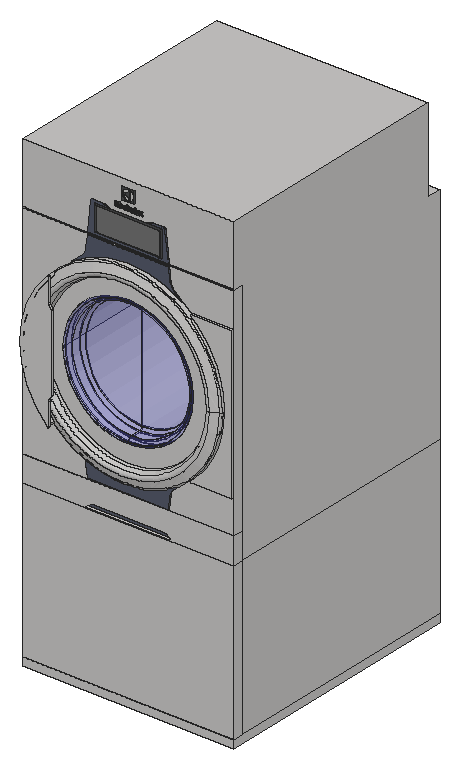
Revit family "TD6-14 HP", category Attrezzature speciali, Revit 2014
Parameters
  Show Logo [instance] = yes
  Show Clearance [instance] = yes
  Manufacturer = ""
  Model = ""
  Description = ""
Reference planes
  plane 1: z = 0
  plane 2 "BACK": y = 439.5
  plane 3 "FRONT": y = -549.5
  plane 4 "LEFT": x = -799
  plane 5 "RIGHT": x = -6
  plane 6 "TOP": z = 1771
  plane 7: y = -601.5
  plane 8: y = -1323.5
Forms (mm)
  Extrusion 1, solid, material "QF_Finishes_Stainless Steel"
    sketch origin (718.1, -398.1, 598.796) x (0, 0, -1) y (0, 1, 0)
      loop
        line (-14.704, 812.6) -> (-855.66, 812.6) -> (-855.66, 756.6) -> (-941.204, 756.6) -> (-941.204, -115.453) -> (-14.704, -115.453) -> (-14.704, 812.6)
    from -1517.1 to -724.1
  Extrusion 2, solid, material "QF_Finishes_Stainless Steel"
    sketch origin (718.1, -368.1, 598.796) x (0, 0, -1) y (0, 1, 0)
      loop
        line (568.796, -145.453) -> (568.796, 782.6) -> (-14.704, 782.6) -> (-14.704, -145.453) -> (568.796, -145.453)
    from -1517.1 to -724.1
  Sweep 3, solid, material "QF_Finishes_Black"
    path origin (686.327, -549.5, 1684.42) x (0, 0, -1) y (1, 0, 0)
      loop
        line (131.445, -962.809) -> (32.707, -962.809) -> (32.707, -1214.809) -> (131.445, -1214.809) -> (131.445, -962.809)
    profile origin (-276.482, -549.5, 1602.344) x (-1, 0, 0) y (0, -1, 0)
      loop
        line (5, 0) -> (5, 5)
        arc (5, 5) -> (1.464, 3.536) -> (0, 0) r 5
        line (0, 0) -> (5, 0)
  Extrusion 4, solid, material "QF_Finishes_Dark Grey"
    sketch origin (686.327, -549.5, 1684.42) x (0, 0, -1) y (1, 0, 0)
      loop
        line (126.445, -1209.809) -> (126.445, -967.809) -> (37.707, -967.809) -> (37.707, -1209.809) -> (126.445, -1209.809)
    from 0 to 4
  Extrusion 5, void
    sketch origin (889, -517.06, 1195.994) x (0, 0, -1) y (1, 0, 0)
      loop
        circle (69.994, -1291.5) r 245
    from -451.9 to 33.109
  Extrusion 6, solid, material "QF_Finishes_Stainless Steel"
    sketch origin (718.1, 358.5, 1540) x (0, 0, -1) y (-1, 0, 0)
      loop
        circle (43, 834.1) r 12.7
    from 0 to 5
  Extrusion 7, solid, material "QF_Finishes_Stainless Steel"
    sketch origin (718.1, 414.5, 1454.455) x (0, 0, -1) y (-1, 0, 0)
      loop
        circle (1331.455, 1255.1) r 12.7
    from 0 to 25
  Extrusion 8, solid, material "QF_Finishes_Stainless Steel"
    sketch origin (-499, 0, 0) x (0, 1, 0) y (0, 0, 1)
      loop
        line (358.5, 1540) -> (358.5, 1771) -> (-549.5, 1771) -> (-549.5, 1541.816)
        arc (-549.5, 1541.816) -> (-548.968, 1540.532) -> (-547.684, 1540) r 1.816
        line (-547.684, 1540) -> (358.5, 1540)
    from -300 to 493
  Extrusion 9, solid, material "QF_Finishes_Stainless Steel"
    sketch origin (0, 0, 1114.3) x (-1, 0, 0) y (0, -1, 0)
      loop
        line (799, -414.5) -> (799, 549.5) -> (6, 549.5) -> (6, -414.5) -> (799, -414.5)
    from -1114.3 to -1084.3
  Extrusion 10, solid, material "QF_Finishes_Stainless Steel"
    sketch origin (-499, -118.96, 0) x (0, 1, 0) y (0, 0, 1)
      loop
        line (-394.593, 1540) -> (-430.54, 1540) -> (-430.54, 713.5) -> (-394.593, 713.5) -> (-394.593, 1540)
    from -300 to 493
  Extrusion 11, solid, material "QF_Finishes_Stainless Steel"
    sketch origin (-499, -118.96, 0) x (0, 1, 0) y (0, 0, 1)
      loop
        line (-430.54, 713.5) -> (-430.54, 613.5) -> (-394.593, 613.5) -> (-394.593, 713.5) -> (-430.54, 713.5)
    from -300 to 493
  Extrusion 12, solid, material "QF_Finishes_Stainless Steel"
    sketch origin (-499, -118.96, 0) x (0, 1, 0) y (0, 0, 1)
      loop
        line (-394.593, 613.5) -> (-430.54, 613.5) -> (-430.54, 30) -> (-394.593, 30) -> (-394.593, 613.5)
    from -300 to 493
  Sweep 13, solid, material "QF_Finishes_Stainless Steel"
    path origin (-409, -549.5, 1444.576) x (0, 0, -1) y (1, 0, 0)
      loop
        circle (318.576, 6.5) r 366.295
    profile origin (-402.5, -549.5, 1492.295) x (0, 0, -1) y (0, -1, 0)
      loop
        line (0, 0) -> (60.401, 0)
        arc (60.401, 0) -> (59.825, 6.814) -> (57.535, 13.257) r 26.651
        line (57.535, 13.257) -> (49.537, 28.994)
        arc (49.537, 28.994) -> (42.511, 35.32) -> (33.058, 35.302) r 13.156
        line (33.058, 35.302) -> (4.309, 24.168)
        arc (4.309, 24.168) -> (1.18, 21.691) -> (0, 17.88) r 6.744
        line (0, 17.88) -> (0, 0)
  Extrusion 14, solid, material "QF_Finishes_Stainless Steel"
    sketch origin (889, -689.525, 1195.994) x (0, 0, -1) y (1, 0, 0)
      loop
        line (353.669, -897.598) -> (-212.997, -897.549) -> (-213.01, -1046.361)
        arc (-213.01, -1046.361) -> (-212.131, -1048.481) -> (-210.011, -1049.36) r 2.999
        line (-210.011, -1049.36) -> (-204.852, -1049.36)
        arc (-204.852, -1049.36) -> (-80.8, -957.683) -> (69.994, -925.205) r 366.295
        arc (69.994, -925.205) -> (220.927, -957.746) -> (345.042, -1049.589) r 366.295
        line (345.042, -1049.589) -> (350.683, -1049.589)
        arc (350.683, -1049.589) -> (352.804, -1048.711) -> (353.682, -1046.59) r 2.999
        line (353.682, -1046.59) -> (353.669, -897.598)
    from -140.025 to -130.025
  Revolve 15, solid, material "QF_Door-Drawer Clearances", visible <- "Show Clearance", detail levels coarse
    sketch origin (889, -601.5, 1195.994) x (0, 0, -1) y (1, 0, 0)
      loop
        circle (69.994, -1291.5) r 366.295
      axis (69.994, -924.023) -> (68.994, -924.023)
    angle from 0 to -90
  Revolve 16, solid, material "QF_Finishes_Glass"
    sketch origin (-402.863, -289.313, 555.02) x (0, 1, 0) y (0, 0, 1)
      loop
        arc (-190.673, 783.338) -> (-195.066, 793.945) -> (-205.673, 798.338) r 15
        line (-205.673, 798.338) -> (-244.95, 798.338)
        arc (-244.95, 798.338) -> (-252.021, 801.267) -> (-254.95, 808.338) r 10
        line (-254.95, 808.338) -> (-254.95, 816.338) -> (-259.95, 816.338) -> (-259.95, 808.338)
        arc (-259.95, 808.338) -> (-255.556, 797.732) -> (-244.95, 793.338) r 15
        line (-244.95, 793.338) -> (-205.673, 793.338)
        arc (-205.673, 793.338) -> (-198.602, 790.409) -> (-195.673, 783.338) r 10
        line (-195.673, 783.338) -> (-195.673, 570.975) -> (-190.673, 570.975) -> (-190.673, 783.338)
      axis (-259.95, 570.975) -> (-190.673, 570.975)
    angle from 0 to 360
  Extrusion 17, solid, material "QF_Finishes_Stainless Steel"
    sketch origin (-529, -549.5, 1444.576) x (0, 0, -1) y (1, 0, 0)
      loop
        arc (176.622, -119.08) -> (174.216, -119.45) -> (172.033, -120.527) r 8
        line (172.033, -120.527) -> (158.099, -130.284)
        arc (158.099, -130.284) -> (155.934, -131.338) -> (153.554, -131.7) r 8
        line (153.554, -131.7) -> (65.736, -131.7)
        arc (65.736, -131.7) -> (63.285, -133.352) -> (63.896, -136.244) r 2.645
        arc (63.896, -136.244) -> (318.617, -239.419) -> (573.315, -136.187) r 365.919
        arc (573.315, -136.187) -> (573.918, -133.331) -> (571.497, -131.7) r 2.612
        line (571.497, -131.7) -> (483.599, -131.7)
        arc (483.599, -131.7) -> (481.193, -131.33) -> (479.01, -130.253) r 8
        line (479.01, -130.253) -> (465.119, -120.527)
        arc (465.119, -120.527) -> (462.936, -119.45) -> (460.53, -119.08) r 8
        line (460.53, -119.08) -> (176.622, -119.08)
    from 47.713 to 52
  Extrusion 18, solid, material "QF_Finishes_Stainless Steel"
    sketch origin (-529, -601.5, 1444.576) x (0, 0, -1) y (1, 0, 0)
      loop
        arc (63.896, -136.244) -> (318.617, -239.419) -> (573.315, -136.187) r 365.919
        line (573.315, -136.187) -> (563.547, -131.7)
        arc (563.547, -131.7) -> (318.584, -229.419) -> (73.616, -131.711) r 355.919
        line (73.616, -131.711) -> (63.896, -136.244)
    from -4.287 to -34.753
  Extrusion 19, void
    sketch origin (-401.334, -549.5, 611.842) x (0, 0, 1) y (1, 0, 0)
      loop
        arc (1.908, -169.725) -> (2.027, -168.962) -> (2.374, -168.272) r 2.499
        line (2.374, -168.272) -> (21.699, -140.672)
        arc (21.699, -140.672) -> (23.335, -137.382) -> (23.898, -133.751) r 11.994
        line (23.898, -133.751) -> (23.897, 130.467)
        arc (23.897, 130.467) -> (23.336, 134.095) -> (21.703, 137.383) r 11.994
        line (21.703, 137.383) -> (2.374, 164.988)
        arc (2.374, 164.988) -> (2.027, 165.678) -> (1.908, 166.441) r 2.499
        line (1.908, 166.441) -> (1.908, -169.725)
    from 0 to 13.427
  Extrusion 20, solid, material "QF_Finishes_Blue"
    sketch origin (-499, -549.5, 893.425) x (0, 0, 1) y (-1, 0, 0)
      loop
        arc (767.274, 37.584) -> (765.819, 41.099) -> (762.304, 42.555) r 4.971
        line (762.304, 42.555) -> (650.575, 54.795) -> (650.575, -247.832) -> (761.659, -235.663)
        arc (761.659, -235.663) -> (765.63, -234.018) -> (767.274, -230.047) r 5.615
        line (767.274, -230.047) -> (767.274, -186.505)
        arc (767.274, -186.505) -> (766.484, -180.953) -> (764.209, -175.828) r 20.351
        line (764.209, -175.828) -> (758.288, -166.304) -> (758.288, -222.518) -> (659.55, -222.518) -> (659.55, 29.482) -> (758.288, 29.482) -> (758.288, -26.732) -> (764.209, -17.208)
        arc (764.209, -17.208) -> (766.483, -12.086) -> (767.274, -6.538) r 20.35
        line (767.274, -6.538) -> (767.274, 37.584)
    from 0 to 1.6
  Extrusion 21, solid, material "QF_Finishes_Blue"
    sketch origin (-499, -549.5, 893.425) x (0, 0, 1) y (-1, 0, 0)
      loop
        arc (594.486, 60.933) -> (579.244, 65.533) -> (566.695, 75.331) r 43.3
        line (566.695, 75.331) -> (532.276, 114.098)
        arc (532.276, 114.098) -> (598.87, -96.026) -> (532.82, -306.322) r 366.295
        line (532.82, -306.322) -> (566.695, -268.167)
        arc (566.695, -268.167) -> (579.244, -258.37) -> (594.486, -253.77) r 43.3
        line (594.486, -253.77) -> (642.075, -248.6) -> (642.075, 55.764) -> (594.486, 60.933)
    from 0 to 1.6
  Extrusion 22, solid, material "QF_Finishes_Blue"
    sketch origin (-499, -549.5, 893.425) x (0, 0, 1) y (-1, 0, 0)
      loop
        line (-129.403, 60.926) -> (-176.925, 55.764) -> (-176.925, -248.6) -> (-129.403, -253.763)
        arc (-129.403, -253.763) -> (-114.123, -258.355) -> (-101.544, -268.169) r 43.3
        line (-101.544, -268.169) -> (-67.671, -306.321)
        arc (-67.671, -306.321) -> (-133.72, -96.026) -> (-67.127, 114.098) r 366.295
        line (-67.127, 114.098) -> (-101.544, 75.332)
        arc (-101.544, 75.332) -> (-114.123, 65.518) -> (-129.403, 60.926) r 43.3
    from 0 to 1.6
Cuts and joins
  Extrusion 5 cuts Extrusion 1
  Extrusion 5 cuts Extrusion 8
  joined: Extrusion 1, Extrusion 8
  Extrusion 5 cuts Extrusion 10
  Extrusion 19 cuts Extrusion 11
  joined: Sweep 13, Extrusion 14, Extrusion 17, Extrusion 18
Lines and regions (mm)
  Split face 1
    outline origin (-6, -549.5, 1540) x (-1, 0, 0) y (0, 0, -1)
      loop
        circle (396.5, 414) r 305.895
  symbolic lines
    curve 1: line (-6, 414.5, 1771) -> (-799, 414.5, 1771)
    curve 2: line (-799, -549.5, 1771) -> (-6, -549.5, 1771)
    curve 3: line (-6, 414.5, 0) -> (-6, -549.5, 0)
    curve 4: line (-799, 414.5, 0) -> (-799, -549.5, 0)
    curve 6: line (-6, 358.5, 0) -> (-799, 358.5, 0)
    curve 25: line (-549.7, 414.5, 0) -> (-549.7, 439.5, 0)
    curve 26: line (-549.7, 439.5, 0) -> (-524.3, 439.5, 0)
    curve 27: line (-524.3, 439.5, 0) -> (-524.3, 414.5, 0)
  symbolic lines, style "QF_Door-Drawer Clearances", visible <- "Show Clearance"
    curve 5: line (-6, -1323.5, 0) -> (-6, -549.5, 0)
    curve 7: arc (-768.795, -549.5, 0) -> (-549.88, -1096.63, 0) -> (-6, -1323.5, 0) r 761.144
  symbolic lines, style "SpecialityEquipment"
    curve 8: line (-8.549, -559.5, 0) -> (-8.549, -549.5, 0)
    curve 9: line (-160.36, -559.5, 0) -> (-8.549, -559.5, 0)
    curve 10: line (-160.36, -549.5, 0) -> (-160.36, -559.5, 0)
    curve 11: line (-768.419, -601.5, 0) -> (-659.284, -601.5, 0)
    curve 12: line (-659.284, -597.213, 0) -> (-758.419, -597.213, 0)
    curve 13: line (-758.419, -569.602, 0) -> (-758.419, -597.213, 0)
    curve 14: line (-659.284, -597.213, 0) -> (-659.284, -601.5, 0)
    curve 15: line (-768.419, -569.602, 0) -> (-758.419, -569.602, 0)
    curve 16: line (-74.013, -585.689, 0) -> (-758.419, -585.689, 0)
    curve 17: line (-768.419, -569.602, 0) -> (-768.419, -601.5, 0)
    curve 18: line (-40.513, -573.668, 0) -> (-758.419, -573.668, 0)
    curve 19: line (-768.795, -549.5, 0) -> (-768.795, -567.38, 0)
    curve 20: arc (-768.795, -567.38, 0) -> (-768.701, -568.507, 0) -> (-768.419, -569.602, 0) r 6.744
    curve 21: line (-36.205, -559.5, 0) -> (-36.205, -567.38, 0)
    curve 22: line (-40.513, -573.668, 0) -> (-69.262, -584.802, 0)
    curve 23: arc (-36.205, -567.38, 0) -> (-37.385, -571.191, 0) -> (-40.513, -573.668, 0) r 6.744
    curve 24: arc (-74.013, -585.689, 0) -> (-71.597, -585.465, 0) -> (-69.262, -584.802, 0) r 13.156
Dimensions and locks
  plane 4 "LEFT" to plane 5 "RIGHT" = 793 mm
  plane 2 "BACK" to plane 3 "FRONT" = 989 mm
  plane 6 "TOP" to level = 1771 mm
  Extrusion 6 sketch curve to plane 6 "TOP" = 274 mm
  plane 5 "RIGHT" to Extrusion 6 sketch curve = 110 mm
  level to Extrusion 7 sketch curve = 123 mm
  Extrusion 7 sketch curve to plane 4 "LEFT" = 262 mm
  plane 2 "BACK" to plane 7 = 1041 mm
  plane 2 "BACK" to plane 8 = 1763 mm
  aligned and locked: level to plane 1
  aligned and locked: Extrusion 1 to plane 4 "LEFT"
  aligned and locked: plane 5 "RIGHT" to Extrusion 1
  aligned and locked: Extrusion 2 to plane 4 "LEFT"
  aligned and locked: plane 5 "RIGHT" to Extrusion 2
  aligned and locked: plane 5 "RIGHT" to Extrusion 8
  aligned and locked: Extrusion 8 to plane 4 "LEFT"
  aligned and locked: plane 5 "RIGHT" to Extrusion 12
  aligned and locked: Extrusion 12 to plane 4 "LEFT"
  aligned and locked: Extrusion 11 to plane 4 "LEFT"
  aligned and locked: plane 5 "RIGHT" to Extrusion 11
  aligned and locked: Extrusion 10 to plane 4 "LEFT"
  aligned and locked: plane 5 "RIGHT" to Extrusion 10
  aligned and locked: Extrusion 18 to Extrusion 17
Nested families
  nested 1: "ELX_Logo_S_New" at (-415.511, -549.5, 1674.59) x (1, 0, 0) z (0, -1, 0), visible <- "Show Logo", type "ELX_Logo_S_New"
    with Material QF_Finishes_Black
  nested 2: "ELX_Logo_Symbol_S" at (-394.886, -549.5, 1729.274) x (-1, 0, 0) z (0, -1, 0), visible <- "Show Logo", type "ELX_Logo_Symbol_S"
    with Material QF_Finishes_Black
Connectors
  piping at (-537, 439.5, 123), diameter 25.4
    settings: on Extrusion 7, index 3, connector inside diameter 609.6 mm, connector length 0 mm, flow factor 0, pipe flow 0.0 L/s, pressure drop 0.0 Pa, fitting loss kfactor 0, connector angle 0.00°, fixture units 0, engagement length 0 mm, angle of deflection 0.00°, flow configuration 1, flow direction 2, fitting loss method 0, system type 7, joint type 0, gender type 0, connector reference index -1, connector utility 0, adjustable connector no, is connector primary yes, connector description "Condensation"
  electrical at (-116, 363.5, 1497)
    settings: on Extrusion 6, index 4, voltage 0 V, apparent load 0 VA, apparent load phase1 0 VA, apparent load phase2 0 VA, apparent load phase3 0 VA, power factor 1, load classification "Other", number of poles 1, system type 30, power factor state 1, is connector primary yes, connector utility no, sub classification motor no, connector description "Electrical Connection"
Definition of nested family "ELX_Logo_S_New"
  Parameters (values of type "ELX_Logo_S_New")
    Material [instance] = QF_Finishes_Gray
    Default Elevation = 0 mm
  Reference planes
    plane 1 "Centro (Fronte/Retro)": y = 0
    plane 2: z = 0
    plane 3 "Centro (Sinistra/Destra)": x = 0
  Forms (mm)
    Extrusion 1, solid
      sketch origin (0, 0, 0) x (1, 0, 0) y (0, 1, 0)
        loop
          line (-1219.2, 1219.2) -> (-1219.2, -1219.2) -> (1219.2, -1219.2) -> (1219.2, 1219.2) -> (-1219.2, 1219.2)
      from 0 to -304.8
    Extrusion 2, solid, material "QF_Finishes_Gray" <- "Material"
      sketch origin (0, 0, 0) x (1, 0, 0) y (0, 1, 0)
        loop
          spline (-31.006, -2.781) -> (-31.24, -2.771) -> (-31.49, -2.739) -> (-31.748, -2.68) -> (-32.009, -2.591) -> (-32.264, -2.469) -> (-32.508, -2.308) -> (-32.732, -2.105) -> (-32.932, -1.857) -> (-33.099, -1.559) -> (-33.226, -1.207) -> (-33.308, -0.798) -> (-33.337, -0.327)
          line (-33.337, -0.327) -> (-33.337, 1.761) -> (-26.444, 1.761) -> (-26.444, 4.423) -> (-33.338, 4.423) -> (-33.338, 8.299) -> (-26.005, 8.299) -> (-26.005, 10.954) -> (-36.159, 10.954) -> (-36.159, -0.206)
          spline (-36.159, -0.206) -> (-36.134, -0.893) -> (-36.057, -1.54) -> (-35.927, -2.145) -> (-35.743, -2.707) -> (-35.503, -3.222) -> (-35.206, -3.689) -> (-34.85, -4.106) -> (-34.433, -4.47) -> (-33.955, -4.779) -> (-33.414, -5.031) -> (-32.809, -5.223) -> (-32.137, -5.354)
          line (-32.137, -5.354) -> (-31.029, -5.433) -> (-25.809, -5.433) -> (-25.809, -2.781) -> (-31.006, -2.781)
        loop
          line (-23.804, 3.211) -> (-23.804, -5.437) -> (-20.982, -5.437) -> (-20.982, 10.958) -> (-23.804, 10.958) -> (-23.804, 3.211)
        loop
          spline (-7.052, -0.2) -> (-7.034, 0.688) -> (-7.119, 1.546) -> (-7.304, 2.368) -> (-7.586, 3.144) -> (-7.962, 3.868) -> (-8.426, 4.531) -> (-8.977, 5.126) -> (-9.61, 5.644) -> (-10.321, 6.077) -> (-11.107, 6.419) -> (-11.964, 6.66) -> (-12.889, 6.793)
          spline (-12.889, 6.793) -> (-13.767, 6.742) -> (-14.602, 6.592) -> (-15.387, 6.346) -> (-16.116, 6.008) -> (-16.782, 5.583) -> (-17.379, 5.073) -> (-17.902, 4.483) -> (-18.343, 3.816) -> (-18.697, 3.077) -> (-18.958, 2.269) -> (-19.119, 1.395) -> (-19.174, 0.46)
          spline (-19.174, 0.46) -> (-19.121, -0.452) -> (-18.964, -1.304) -> (-18.71, -2.094) -> (-18.362, -2.816) -> (-17.926, -3.468) -> (-17.406, -4.045) -> (-16.808, -4.544) -> (-16.137, -4.96) -> (-15.397, -5.291) -> (-14.594, -5.532) -> (-13.733, -5.679) -> (-12.817, -5.729)
          spline (-12.817, -5.729) -> (-12.371, -5.719) -> (-11.93, -5.685) -> (-11.493, -5.626) -> (-11.062, -5.54) -> (-10.636, -5.425) -> (-10.216, -5.277) -> (-9.8, -5.096) -> (-9.391, -4.879) -> (-8.987, -4.623) -> (-8.588, -4.326) -> (-8.196, -3.987) -> (-7.809, -3.603)
          line (-7.809, -3.603) -> (-9.51, -1.949)
          spline (-9.51, -1.949) -> (-9.734, -2.164) -> (-9.959, -2.362) -> (-10.188, -2.542) -> (-10.422, -2.703) -> (-10.662, -2.846) -> (-10.913, -2.971) -> (-11.174, -3.077) -> (-11.449, -3.163) -> (-11.739, -3.231) -> (-12.047, -3.28) -> (-12.374, -3.309) -> (-12.723, -3.319)
          spline (-12.723, -3.319) -> (-13.234, -3.294) -> (-13.713, -3.219) -> (-14.158, -3.098) -> (-14.568, -2.931) -> (-14.94, -2.72) -> (-15.272, -2.469) -> (-15.562, -2.177) -> (-15.809, -1.849) -> (-16.009, -1.485) -> (-16.162, -1.088) -> (-16.264, -0.659) -> (-16.314, -0.2)
          line (-16.314, -0.2) -> (-7.052, -0.2)
        loop
          spline (-9.888, 1.784) -> (-9.915, 2.133) -> (-9.995, 2.469) -> (-10.124, 2.788) -> (-10.298, 3.088) -> (-10.514, 3.365) -> (-10.768, 3.615) -> (-11.056, 3.836) -> (-11.376, 4.024) -> (-11.722, 4.176) -> (-12.092, 4.289) -> (-12.482, 4.359) -> (-12.889, 4.383)
          spline (-12.889, 4.383) -> (-13.325, 4.36) -> (-13.744, 4.291) -> (-14.144, 4.18) -> (-14.52, 4.03) -> (-14.868, 3.844) -> (-15.186, 3.624) -> (-15.469, 3.375) -> (-15.715, 3.099) -> (-15.919, 2.798) -> (-16.077, 2.477) -> (-16.186, 2.138) -> (-16.243, 1.784)
          line (-16.243, 1.784) -> (-9.888, 1.784)
        loop
          spline (-2.737, 0.532) -> (-2.704, 1.057) -> (-2.61, 1.555) -> (-2.457, 2.022) -> (-2.249, 2.455) -> (-1.991, 2.851) -> (-1.685, 3.205) -> (-1.336, 3.514) -> (-0.948, 3.775) -> (-0.524, 3.984) -> (-0.067, 4.138) -> (0.417, 4.233) -> (0.926, 4.265)
          spline (0.926, 4.265) -> (1.238, 4.255) -> (1.537, 4.226) -> (1.824, 4.178) -> (2.098, 4.112) -> (2.362, 4.027) -> (2.615, 3.925) -> (2.858, 3.806) -> (3.093, 3.67) -> (3.318, 3.518) -> (3.536, 3.349) -> (3.746, 3.165) -> (3.95, 2.966)
          line (3.95, 2.966) -> (5.699, 4.785)
          spline (5.699, 4.785) -> (5.351, 5.133) -> (4.992, 5.446) -> (4.624, 5.724) -> (4.246, 5.969) -> (3.859, 6.181) -> (3.463, 6.362) -> (3.059, 6.512) -> (2.646, 6.633) -> (2.226, 6.725) -> (1.8, 6.79) -> (1.366, 6.828) -> (0.926, 6.841)
          spline (0.926, 6.841) -> (0.044, 6.786) -> (-0.801, 6.626) -> (-1.601, 6.367) -> (-2.349, 6.014) -> (-3.037, 5.573) -> (-3.658, 5.051) -> (-4.204, 4.453) -> (-4.668, 3.785) -> (-5.041, 3.053) -> (-5.318, 2.263) -> (-5.489, 1.421) -> (-5.548, 0.532)
          spline (-5.548, 0.532) -> (-5.489, -0.357) -> (-5.318, -1.199) -> (-5.041, -1.989) -> (-4.668, -2.721) -> (-4.204, -3.389) -> (-3.658, -3.987) -> (-3.037, -4.509) -> (-2.349, -4.95) -> (-1.601, -5.303) -> (-0.801, -5.562) -> (0.044, -5.722) -> (0.926, -5.777)
          spline (0.926, -5.777) -> (1.366, -5.764) -> (1.8, -5.726) -> (2.226, -5.662) -> (2.646, -5.569) -> (3.059, -5.449) -> (3.463, -5.298) -> (3.859, -5.117) -> (4.246, -4.905) -> (4.624, -4.66) -> (4.992, -4.382) -> (5.351, -4.069) -> (5.699, -3.721)
          line (5.699, -3.721) -> (3.95, -1.902)
          spline (3.95, -1.902) -> (3.746, -2.101) -> (3.536, -2.285) -> (3.318, -2.453) -> (3.093, -2.606) -> (2.858, -2.742) -> (2.615, -2.861) -> (2.362, -2.964) -> (2.098, -3.048) -> (1.824, -3.114) -> (1.537, -3.162) -> (1.238, -3.191) -> (0.926, -3.201)
          spline (0.926, -3.201) -> (0.417, -3.169) -> (-0.067, -3.074) -> (-0.524, -2.92) -> (-0.948, -2.711) -> (-1.336, -2.45) -> (-1.685, -2.141) -> (-1.991, -1.787) -> (-2.249, -1.391) -> (-2.457, -0.958) -> (-2.61, -0.491) -> (-2.704, 0.007) -> (-2.737, 0.532)
        loop
          spline (12.895, -2.785) -> (12.646, -2.789) -> (12.379, -2.77) -> (12.102, -2.724) -> (11.82, -2.646) -> (11.542, -2.531) -> (11.274, -2.376) -> (11.024, -2.175) -> (10.797, -1.924) -> (10.602, -1.618) -> (10.445, -1.253) -> (10.334, -0.824) -> (10.275, -0.327)
          line (10.275, -0.327) -> (10.275, 3.855) -> (12.842, 3.855) -> (12.842, 6.419) -> (10.278, 6.419) -> (10.278, 10.958) -> (7.456, 10.958) -> (7.456, -0.488)
          spline (7.456, -0.488) -> (7.516, -1.152) -> (7.626, -1.776) -> (7.785, -2.359) -> (7.996, -2.899) -> (8.26, -3.392) -> (8.577, -3.837) -> (8.951, -4.232) -> (9.38, -4.575) -> (9.868, -4.864) -> (10.415, -5.096) -> (11.023, -5.27) -> (11.693, -5.383)
          line (11.693, -5.383) -> (12.885, -5.437) -> (12.895, -2.785)
        loop
          spline (22.391, 6.583) -> (21.903, 6.613) -> (21.433, 6.605) -> (20.982, 6.558) -> (20.553, 6.476) -> (20.145, 6.358) -> (19.76, 6.207) -> (19.401, 6.022) -> (19.067, 5.807) -> (18.76, 5.561) -> (18.482, 5.286) -> (18.234, 4.984) -> (18.016, 4.655)
          line (18.016, 4.655) -> (18.016, 6.418) -> (15.217, 6.418) -> (15.217, -5.437) -> (18.016, -5.437) -> (18.016, 0.797)
          spline (18.016, 0.797) -> (18.042, 1.269) -> (18.118, 1.71) -> (18.242, 2.117) -> (18.412, 2.488) -> (18.627, 2.822) -> (18.884, 3.117) -> (19.182, 3.371) -> (19.518, 3.583) -> (19.892, 3.751) -> (20.3, 3.873) -> (20.742, 3.947) -> (21.215, 3.972)
          line (21.215, 3.972) -> (22.391, 3.855) -> (22.391, 6.583)
        loop
          spline (35.761, 0.49) -> (35.702, 1.36) -> (35.53, 2.189) -> (35.253, 2.971) -> (34.878, 3.698) -> (34.414, 4.364) -> (33.867, 4.963) -> (33.246, 5.488) -> (32.558, 5.932) -> (31.811, 6.289) -> (31.013, 6.552) -> (30.171, 6.715) -> (29.293, 6.771)
          spline (29.293, 6.771) -> (28.409, 6.715) -> (27.564, 6.552) -> (26.763, 6.289) -> (26.016, 5.932) -> (25.328, 5.488) -> (24.708, 4.963) -> (24.163, 4.364) -> (23.701, 3.698) -> (23.328, 2.971) -> (23.053, 2.189) -> (22.882, 1.36) -> (22.823, 0.49)
          spline (22.823, 0.49) -> (22.882, -0.379) -> (23.053, -1.208) -> (23.328, -1.989) -> (23.701, -2.716) -> (24.163, -3.382) -> (24.708, -3.981) -> (25.328, -4.506) -> (26.016, -4.951) -> (26.763, -5.308) -> (27.564, -5.571) -> (28.409, -5.734) -> (29.293, -5.79)
          spline (29.293, -5.79) -> (30.171, -5.734) -> (31.013, -5.571) -> (31.811, -5.308) -> (32.558, -4.951) -> (33.246, -4.506) -> (33.867, -3.981) -> (34.414, -3.382) -> (34.878, -2.716) -> (35.253, -1.989) -> (35.53, -1.208) -> (35.702, -0.379) -> (35.761, 0.49)
        loop
          spline (32.961, 0.49) -> (32.929, 1.004) -> (32.833, 1.493) -> (32.679, 1.955) -> (32.47, 2.385) -> (32.21, 2.779) -> (31.903, 3.134) -> (31.553, 3.445) -> (31.164, 3.709) -> (30.739, 3.921) -> (30.283, 4.077) -> (29.8, 4.174) -> (29.293, 4.207)
          spline (29.293, 4.207) -> (28.781, 4.174) -> (28.294, 4.077) -> (27.836, 3.921) -> (27.411, 3.709) -> (27.022, 3.445) -> (26.673, 3.134) -> (26.368, 2.779) -> (26.11, 2.385) -> (25.903, 1.955) -> (25.75, 1.493) -> (25.656, 1.004) -> (25.624, 0.49)
          spline (25.624, 0.49) -> (25.656, -0.022) -> (25.75, -0.512) -> (25.903, -0.973) -> (26.11, -1.403) -> (26.368, -1.798) -> (26.673, -2.153) -> (27.022, -2.464) -> (27.411, -2.728) -> (27.836, -2.94) -> (28.294, -3.096) -> (28.781, -3.193) -> (29.293, -3.226)
          spline (29.293, -3.226) -> (29.8, -3.193) -> (30.283, -3.096) -> (30.739, -2.94) -> (31.164, -2.728) -> (31.553, -2.464) -> (31.903, -2.153) -> (32.21, -1.798) -> (32.47, -1.403) -> (32.679, -0.973) -> (32.833, -0.512) -> (32.929, -0.022) -> (32.961, 0.49)
        loop
          line (37.497, 3.493) -> (37.497, -5.437) -> (40.321, -5.437) -> (40.321, 10.958) -> (37.497, 10.958) -> (37.497, 3.493)
        loop
          line (50.501, 6.418) -> (50.501, -0.473)
          spline (50.501, -0.473) -> (50.478, -0.921) -> (50.412, -1.325) -> (50.305, -1.686) -> (50.159, -2.005) -> (49.978, -2.282) -> (49.763, -2.52) -> (49.517, -2.718) -> (49.243, -2.878) -> (48.943, -3.001) -> (48.619, -3.087) -> (48.275, -3.139) -> (47.913, -3.155)
          spline (47.913, -3.155) -> (47.55, -3.139) -> (47.206, -3.088) -> (46.883, -3.001) -> (46.583, -2.879) -> (46.309, -2.72) -> (46.063, -2.523) -> (45.849, -2.287) -> (45.667, -2.012) -> (45.522, -1.696) -> (45.414, -1.339) -> (45.348, -0.94) -> (45.326, -0.498)
          line (45.326, -0.498) -> (45.326, 6.418) -> (42.479, 6.418) -> (42.479, -0.733)
          spline (42.479, -0.733) -> (42.53, -1.543) -> (42.676, -2.28) -> (42.911, -2.945) -> (43.228, -3.537) -> (43.621, -4.058) -> (44.082, -4.508) -> (44.604, -4.888) -> (45.18, -5.197) -> (45.804, -5.437) -> (46.468, -5.607) -> (47.165, -5.709) -> (47.89, -5.743)
          spline (47.89, -5.743) -> (48.62, -5.709) -> (49.323, -5.605) -> (49.993, -5.432) -> (50.621, -5.189) -> (51.203, -4.875) -> (51.729, -4.491) -> (52.194, -4.034) -> (52.59, -3.506) -> (52.91, -2.905) -> (53.147, -2.231) -> (53.295, -1.484) -> (53.346, -0.662)
          line (53.346, -0.662) -> (53.346, 6.418) -> (50.501, 6.418)
        loop
          line (64.026, -1.646) -> (62.246, 0.843) -> (64.45, 3.846) -> (66.338, 6.418) -> (63.257, 6.418) -> (60.692, 2.866) -> (58.105, 6.418) -> (55.047, 6.418) -> (56.801, 4.02) -> (59.14, 0.82) -> (56.689, -2.595) -> (54.647, -5.437) -> (57.682, -5.437) -> (60.692, -1.25) -> (63.703, -5.437) -> (66.738, -5.437) -> (64.026, -1.646)
      from 0 to 1.644
  Dimensions and locks
    aligned and locked: plane 2 to Extrusion 1
    aligned and locked: level to Extrusion 1
Definition of nested family "ELX_Logo_Symbol_S"
  Parameters (values of type "ELX_Logo_Symbol_S")
    Material [instance] = QF_Finishes_Gray
    Default Elevation = 0 mm
  Reference planes
    plane 1 "Centro (Fronte/Retro)": y = 0
    plane 2: z = 0
    plane 3 "Centro (Sinistra/Destra)": x = 0
  Forms (mm)
    Extrusion 1, solid
      sketch origin (0, 0, 0) x (1, 0, 0) y (0, 1, 0)
        loop
          line (-1219.2, 1219.2) -> (-1219.2, -1219.2) -> (1219.2, -1219.2) -> (1219.2, 1219.2) -> (-1219.2, 1219.2)
      from 0 to -304.8
    Extrusion 2, solid, material "QF_Finishes_Gray" <- "Material"
      sketch origin (94.462, 558.781, 0) x (1, 0, 0) y (0, 1, 0)
        loop
          line (-92.971, -571.574) -> (-92.971, -531.14)
          arc (-92.971, -531.14) -> (-107.917, -551.357) -> (-92.971, -571.574) r 21.146
        loop
          arc (-90.914, -571.574) -> (-74.098, -567.752) -> (-65.997, -552.529) r 20.723
          line (-65.997, -552.529) -> (-72.686, -552.529)
          arc (-72.686, -552.529) -> (-84.636, -557.38) -> (-90.914, -568.646) r 19.424
          line (-90.914, -568.646) -> (-90.914, -571.574)
        loop
          arc (-90.914, -534.068) -> (-84.636, -545.334) -> (-72.686, -550.185) r 19.424
          line (-72.686, -550.185) -> (-65.997, -550.185)
          arc (-65.997, -550.185) -> (-74.085, -534.837) -> (-90.914, -530.621) r 21.265
          line (-90.914, -530.621) -> (-90.914, -534.068)
        loop
          line (-64.462, -573.781) -> (-64.462, -528.842) -> (-109.462, -528.842) -> (-109.462, -573.781) -> (-64.462, -573.781)
      from 0 to 1.644
  Dimensions and locks
    aligned and locked: plane 2 to Extrusion 1
    aligned and locked: level to Extrusion 1
